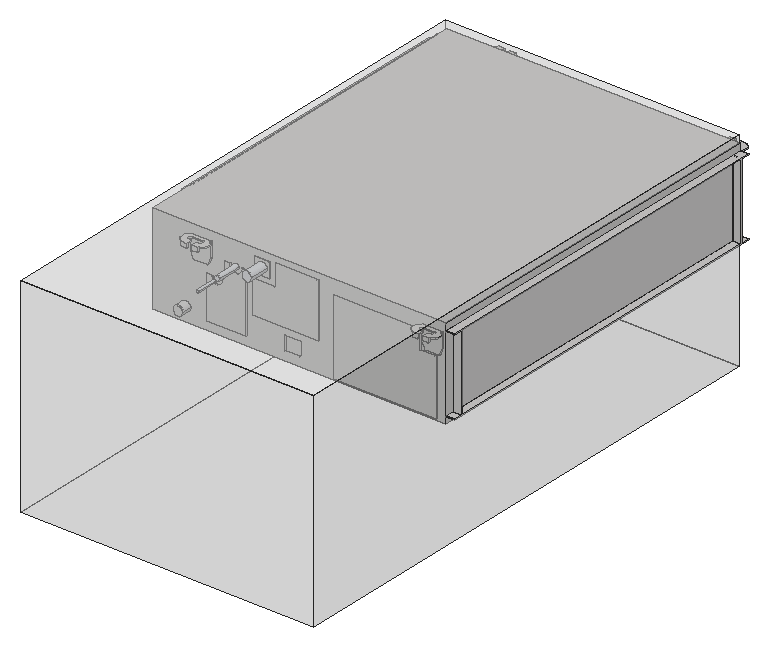
Revit family "outputfile", category 機械設備, Revit 2024
Family settings
  丸型コネクタ寸法 = 半径を使用
  パーツ タイプ = 標準
  OmniClass 番号 = 23.75.10.24.21.27.27
  OmniClass タイトル = Split System Air Conditioning Units
  作業面ベース = いいえ
  常に垂直 = はい
  ロード時にボイドで切り取り = いいえ
  注釈の向きを維持 = いいえ
  共有 = いいえ
  部屋計算ポイント = はい
Parameters (values of type "FXSQ50PAV4")
  Description = ""
  製造元 = "Daikin"
  書き出し IFC クラス(タイプ) = "IfcUnitaryEquipmentType"
  定義済み IFC タイプ(タイプ) = "AIRCONDITIONINGUNIT"
  Cost = 0
  モデル = "FXSQ50PAV4"
  Type Comments = ""
  Keynote = ""
  Type Image = (empty or 0)
  Assembly Code = ""
  r_Liquid Pipe Size = Liquid Pipe Size / 2  # 3.2 mm
  r_Gas Pipe Size = Gas Pipe Size / 2  # 6.35 mm
  r_Drain Pipe Size = Drain Pipe Size / 2  # 12.5 mm
  lw_power = 770.0 mm  # constant formula
  lh_SA = 138.0 mm  # constant formula
  lw_SA = if(Depth = 550.0 mm, 225.0 mm, if(Depth = 700.0 mm, 300.0 mm, if(Depth = 1000.0 mm, 450.0 mm, if(Depth = 1400.0 mm, 650.0 mm, 725.0 mm))))  # 450.0 mm
  lw_RA = if(Depth = 550.0 mm, 275.0 mm, if(Depth = 700.0 mm, 349.0 mm, if(Depth = 1000.0 mm, 499.0 mm, if(Depth = 1400.0 mm, 699.0 mm, 775.0 mm))))  # 499.0 mm
  lh_power = 60.0 mm + [h***]  # 60.0 mm
  lh_mountinghole1 = lh_mountinghole + [h***]  # 222.0 mm
  lh_RA = 123.0 mm  # constant formula
  ld_power = Depth / 2  # 500.0 mm
  Voltage_comment_60Hz = "220"
  Voltage_comment_50Hz = "220-240"
  Voltage_60Hz = 220 V
  Voltage_50Hz = 220 V
  URL = ""
  Supply Air Direction [instance] = yes
  Sound Power Level_H speed (dB) = 62
  Phase_60Hz = 1
  Phase_50Hz = 1
  Minimum External Static Pressure = 50.00 Pa
  Minimum Circuit Amps_60Hz = 1.3 A
  Minimum Circuit Amps_50Hz = 1.3 A
  Maximum Fuse Amps_60Hz = 16.0 A
  Maximum Fuse Amps_50Hz = 16.0 A
  Maximum External Static Pressure = 150.00 Pa
  Material_Casing = DAIKIN_GalvanizedSteel_Casing_indoorunit
  lw_mountinghole = 630.0 mm  # constant formula
  lh_gaspipe = 183.0 mm + [h***]  # 183.0 mm
  lh_mountinghole = 222.0 mm  # constant formula
  lh_liquidpipe = 136.0 mm + [h***]  # 136.0 mm
  lh_drainpipe = 207.0 mm + [h***]  # 207.0 mm
  lh_antena = Height - lh_mountinghole + 1.0 mm  # 24.0 mm
  ld_drainpipe = Depth / 2 + 53.0 mm  # 553.0 mm
  ld_liquidpipe = Depth / 2 + 69.0 mm  # 569.0 mm
  ld_gaspipe = Depth / 2 + 65.0 mm  # 565.0 mm
  ld_mountinghole = Depth + 38.0 mm  # 1038.0 mm
  h*** = 0.0 mm  # constant formula
  lw_liquidpipe = 179.0 mm  # constant formula
  lw_gaspipe = 229.0 mm  # constant formula
  lw_drainpipe = 300.0 mm  # constant formula
  Width = 800.0 mm
  Version = "ver.1.0"
  Unit Type = "Middle Static Pressure Duct Type"
  Unit Mass Weight = 35.00 kg
  Unit Designation [instance] = ""
  Uniclass2015Version = "Products v1.30"
  Uniclass2015Title = "Variable refrigerant flow units"
  Uniclass2015Code = "Pr_70_65_03_94"
  Total Heating Capacity [instance] = 0.000 kW
  Total Cooling Capacity [instance] = 0.000 kW
  Sound Pressure Level_M speed (dBA) = 0
  Sound Pressure Level_L speed (dBA) = 29
  Sound Pressure Level_H speed (dBA) = 34
  Series = "VRV Fan Coil Unit"
  Sensible Cooling Capacity [instance] = 0.000 kW
  SA Duct Size Width = if(Depth = 550.0 mm, 337.0 mm, if(Depth = 700.0 mm, 492.0 mm, if(Depth = 1000.0 mm, 792.0 mm, if(Depth = 1400.0 mm, 1192.0 mm, 1337.0 mm))))  # 792.0 mm
  SA Duct Size Height = 176.0 mm
  Refrigerant Type = "R410A"
  RA Duct Size Width = if(Depth = 550.0 mm, 502.0 mm, if(Depth = 700.0 mm, 654.0 mm, if(Depth = 1000.0 mm, 952.0 mm, if(Depth = 1400.0 mm, 1352.0 mm, 1502.0 mm))))  # 952.0 mm
  RA Duct Size Height = 208.0 mm
  Power Input (Heating) = 0.159 kW
  Power Input (Cooling) = 0.164 kW
  Option Accessory 3 [instance] = ""
  Option Accessory 2 [instance] = ""
  Option Accessory 1 [instance] = ""
  Nominal Heating Capacity = 6.300 kW
  Nominal Cooling Capacity = 5.600 kW
  Minimum Airflow = 690.00 m³/h
  Median Airflow = 870.00 m³/h
  Maximum Airflow = 1020.00 m³/h
  Load Classification = HVAC
  Liquid Pipe Size = 6.4 mm
  Link_Nested Family [instance] = ""
  IfcVersion = "0"
  IfcExportType = "AIRCONDITIONINGUNIT"
  IfcExportAs = "IfcUnitaryEquipmentType"
  Height = 245.0 mm
  Heating Entering Wet Bulb Temperature [instance] = 0.00 °C
  Heating Entering Dry Bulb Temperature [instance] = 0.00 °C
  Heating Ambient Wet Bulb Temperature [instance] = 0.00 °C
  Heating Ambient Dry Bulb Temperature [instance] = 0.00 °C
  Heat Exchanger Type = "Cross Fin Coil"
  Gas Pipe Size = 12.7 mm
  Frequency_60Hz = 60 Hz
  Frequency_50Hz = 50 Hz
  Fan Type = "Sirocco Fan"
  Fan Drive = "Direct Drive"
  FCU Tag No. [instance] = ""
  Drain Pipe Size = 25.0 mm
  Design Supply Airflow [instance] = 0.00 m³/h
  Design Return Airflow [instance] = 0.00 m³/h
  Design External Static Pressure [instance] = 0.00 Pa
  Depth = 1000.0 mm
  既定の高さ = 0.0 mm
  Cooling Entering Wet Bulb Temperature [instance] = 0.00 °C
  Cooling Entering Dry Bulb Temperature [instance] = 0.00 °C
  Cooling Ambient Wet Bulb Temperature [instance] = 0.00 °C
  Cooling Ambient Dry Bulb Temperature [instance] = 0.00 °C
  Clearance visibility [instance] = yes
  Clearance Top = 20.0 mm
  Clearance Right = 0.0 mm
  Clearance Rear = 0.0 mm
  Clearance Left = 0.0 mm
  Clearance Front = 450.0 mm
  Clearance Bottom = 300.0 mm
Reference planes
  plane 1 "Center (Front/Back)": y = 0
  plane 2 "h": z = 0
  plane 3 "Center (Left/Right)": x = 0
  plane 4 "Back": y = 500
  plane 5 "Front": y = -500
  plane 6 "Left": x = -400
  plane 7 "Reight": x = 400
  plane 8 "Top": z = 0
  plane 9 "Bottom": z = -245
  plane 10: y = -215
  plane 11: y = 500
  plane 12: y = -950
  plane 13: x = -400
  plane 14: x = 400
  plane 15: z = 20
  plane 16: z = -545
  plane 17: x = -400
  plane 18: x = -399
  plane 19: x = 399
  plane 20: y = 50
  plane 21: y = -1
  plane 22: z = -122
  plane 23: y = -501
  plane 24: z = -109
  plane 25: x = -221
  plane 26: y = -565
  plane 27: z = -62
  plane 28: x = -171
  plane 29: y = -553
  plane 30: z = -38
  plane 31: x = -100
  plane 32: x = -100
  plane 33: x = -221
  plane 34: x = -171
  plane 35: x = 370
  plane 36: x = -266
  plane 37: x = 364
  plane 38: y = -519
  plane 39: y = 519
  plane 40: z = -23
  plane 41: z = -107
  plane 42: y = -570
  plane 43: z = -207
  plane 44: x = -309
  plane 45: y = -526
  plane 46: x = -251
  plane 47: x = -203
  plane 48: x = -144
  plane 49: z = -59
  plane 50: z = -106
  plane 51: z = -221
  plane 52: z = -109
  plane 53: x = -221
  plane 54: z = -62
  plane 55: x = -171
  plane 56: z = -17
  plane 57: z = -59
  plane 58: x = -121
  plane 59: x = -79
  plane 60: x = -125
  plane 61: x = -64
  plane 62: x = 53
  plane 63: z = -164
  plane 64: z = -73
  plane 65: z = -16
  plane 66: x = 93.5
  plane 67: x = 374.5
  plane 68: x = 330
  plane 69: z = -88.5
  plane 70: z = -38
  plane 71: z = -242.5
  plane 72: x = -38.5
  plane 73: x = 6.5
  plane 74: z = -181
  plane 75: z = -221
  plane 76: y = -499
  plane 77: x = -424
  plane 78: x = 424
Forms (mm)
  Extrusion 1, solid, material "DAIKIN_GalvanizedSteel_Casing_indoorunit" <- "Material_Casing"
    sketch origin (0, 0, 0) x (1, 0, 0) y (0, 1, 0)
      loop
        line (-399, 500) -> (-399, -500) -> (399, -500) -> (399, 500) -> (-399, 500)
    from -245 to 0
  Extrusion 2, solid, material "DAIKIN_GalvanizedSteel_Casing_indoorunit" <- "Material_Casing"
    sketch origin (0, 0, 0) x (1, 0, 0) y (0, 0, 1)
      loop
        line (-251, -221) -> (-144, -221) -> (-144, -59) -> (-154.47, -59)
        arc (-154.47, -59) -> (-171, -78.8) -> (-187.53, -59) r 16.8
        line (-187.53, -59) -> (-203, -59) -> (-203, -106) -> (-206.916, -106)
        arc (-206.916, -106) -> (-221, -123.4) -> (-235.084, -106) r 14.4
        line (-235.084, -106) -> (-251, -106) -> (-251, -221)
    from 500 to 501
  Extrusion 3, solid, material "DAIKIN_GalvanizedSteel_Casing_indoorunit" <- "Material_Casing"
    sketch origin (0, 0, 0) x (1, 0, 0) y (0, 0, 1)
      loop
        line (-121, -17) -> (-121, -59) -> (-79, -59) -> (-79, -17) -> (-121, -17)
      loop
        line (-125, -73) -> (-125, -164) -> (53, -164) -> (53, -16) -> (-64, -16) -> (-64, -73) -> (-125, -73)
    from 500 to 501
  Extrusion 4, solid, material "DAIKIN_GalvanizedSteel_Casing_indoorunit" <- "Material_Casing"
    sketch origin (0, 0, 0) x (1, 0, 0) y (0, 0, 1)
      loop
        line (93.5, -38) -> (93.5, -242.5) -> (374.5, -242.5) -> (374.5, -88.5) -> (330, -88.5) -> (330, -38) -> (93.5, -38)
    from 500 to 501
  Extrusion 5, solid
    sketch origin (0, 0, 0) x (1, 0, 0) y (0, 0, 1)
      loop
        circle (-221, -109) r 3.2
    from 500 to 570
  Extrusion 6, solid
    sketch origin (0, 0, 0) x (1, 0, 0) y (0, 0, 1)
      loop
        circle (-171, -62) r 6.35
    from 500 to 565
  Extrusion 7, solid
    sketch origin (0, 0, 0) x (1, 0, 0) y (0, 0, 1)
      loop
        circle (-100, -38) r 12.5
    from 501 to 553
  Extrusion 8, solid, material "DAIKIN_GalvanizedSteel_Casing_indoorunit" <- "Material_Casing"
    sketch origin (0, 0, 0) x (1, 0, 0) y (0, 0, 1)
      loop
        circle (-309, -207) r 13
    from 500 to 526
  Extrusion 9, void
    sketch origin (0, 0, 0) x (1, 0, 0) y (0, 0, 1)
      loop
        line (-38.5, -181) -> (-38.5, -221) -> (6.5, -221) -> (6.5, -181) -> (-38.5, -181)
    from 499 to 500
Cuts and joins
  Extrusion 9 cuts Extrusion 1
Dimensions and locks
  "Height": plane 8 "Top" to plane 9 "Bottom"
  equal spacing: plane 4 "Back", plane 1 "Center (Front/Back)", plane 5 "Front"
  "Depth": plane 4 "Back" to plane 5 "Front"
  equal spacing: plane 6 "Left", plane 3 "Center (Left/Right)", plane 7 "Reight"
  "Width": plane 6 "Left" to plane 7 "Reight"
  "Clearance Left": plane 13 to plane 6 "Left"
  "Clearance Right": plane 7 "Reight" to plane 14
  "Clearance Rear": plane 11 to plane 4 "Back"
  "Clearance Front": plane 5 "Front" to plane 12
  "Clearance Top": plane 15 to plane 8 "Top"
  "Clearance Bottom": plane 9 "Bottom" to plane 16
  locked: plane 17 to plane 18 at 1
  locked: plane 19 to plane 14 at 1
  "lw_SA": plane 11 to plane 20
  "lw_RA": plane 21 to plane 5 "Front"
  "lh_RA": plane 22 to plane 9 "Bottom"
  locked: plane 5 "Front" to plane 23 at 1
  "lw_liquidpipe": plane 25 to plane 6 "Left"
  "lh_liquidpipe": plane 24 to plane 9 "Bottom"
  "lh_gaspipe": plane 27 to plane 9 "Bottom"
  "lw_gaspipe": plane 28 to plane 6 "Left"
  "ld_gaspipe": plane 26 to plane 1 "Center (Front/Back)"
  "ld_drainpipe": plane 29 to plane 1 "Center (Front/Back)"
  "lh_drainpipe": plane 30 to plane 9 "Bottom"
  "lw_drainpipe": plane 31 to plane 6 "Left"
  "lw_drainpipe": plane 6 "Left" to plane 32
  "lw_liquidpipe": plane 6 "Left" to plane 33
  "lw_gaspipe": plane 6 "Left" to plane 34
  "lw_power": plane 6 "Left" to plane 35
  locked: plane 17 to plane 36 at 134
  "lw_mountinghole": plane 36 to plane 37
  equal spacing: plane 38, plane 1 "Center (Front/Back)", plane 39
  "ld_mountinghole": plane 39 to plane 38
  "lh_mountinghole": plane 40 to plane 9 "Bottom"
  "lh_SA": plane 41 to plane 9 "Bottom"
  "ld_liquidpipe": plane 21 to plane 42
  locked: plane 44 to plane 6 "Left" at 91
  locked: plane 43 to plane 9 "Bottom" at 38
  locked: plane 5 "Front" to plane 45 at 26
  plane 48 to plane 47 to plane 46 to plane 6 "Left" = 59.0 mm, 48.0 mm, 149.0 mm
  plane 8 "Top" to plane 49 to plane 50 to plane 51 = 59.0 mm locked, 47.0 mm locked, 115.0 mm locked
  plane 55 to plane 53 to plane 6 "Left" = 50.0 mm locked, 179.0 mm locked
  plane 54 to plane 52 to plane 9 "Bottom" = 47.0 mm locked, 136.0 mm locked
  plane 59 to plane 58 to plane 6 "Left" = 42.0 mm locked, 279.0 mm locked
  plane 8 "Top" to plane 56 to plane 57 = 17.0 mm locked, 42.0 mm locked
  plane 62 to plane 61 to plane 60 to plane 6 "Left" = 117.0 mm, 61.0 mm, 275.0 mm
  plane 8 "Top" to plane 65 to plane 64 = 16.0 mm locked, 57.0 mm locked
  locked: plane 65 to plane 63 at 148
  plane 8 "Top" to plane 70 to plane 69 to plane 71 = 38.0 mm locked, 50.5 mm locked, 154.0 mm locked
  plane 67 to plane 68 to plane 66 to plane 6 "Left" = 44.5 mm locked, 236.5 mm locked, 493.5 mm locked
  plane 8 "Top" to plane 74 to plane 75 = 181.0 mm locked, 40.0 mm locked
  plane 73 to plane 72 to plane 6 "Left" = 45.0 mm, 361.5 mm
  locked: plane 76 to plane 5 "Front" at 1
  locked: plane 77 to plane 17 at 24
  locked: plane 14 to plane 78 at 24
  locked: Extrusion 4 sketch curve to plane 9 "Bottom" at 2.5
  "r_Liquid Pipe Size": radius of Extrusion 5 sketch curve
  "r_Gas Pipe Size": radius of Extrusion 6 sketch curve
  "r_Drain Pipe Size": radius of Extrusion 7 sketch curve
  aligned and locked: level to plane 2 "h"
  aligned and locked: plane 8 "Top" to Extrusion 1
  aligned and locked: Extrusion 1 to plane 9 "Bottom"
  aligned and locked: nested 5 to plane 12
  aligned and locked: plane 13 to nested 5
  aligned and locked: plane 14 to nested 5
  aligned and locked: nested 5 to plane 13
  aligned and locked: plane 11 to nested 5
  aligned and locked: plane 15 to nested 5
  aligned and locked: plane 16 to nested 5
  aligned and locked: plane 5 "Front" to Extrusion 1 sketch curve
  aligned and locked: Extrusion 1 to plane 18
  aligned and locked: plane 19 to Extrusion 1
  aligned and locked: nested 7 to plane 18
  aligned and locked: nested 7 to plane 20
  aligned and locked: plane 19 to nested 8
  aligned and locked: plane 21 to nested 8
  aligned and locked: plane 22 to nested 8
  aligned and locked: Extrusion 2 to plane 23
  aligned and locked: plane 5 "Front" to Extrusion 2
  aligned and locked: Extrusion 3 to plane 23
  aligned and locked: plane 5 "Front" to Extrusion 3
  aligned and locked: plane 5 "Front" to Extrusion 4
  aligned and locked: Extrusion 5 sketch curve to plane 25
  aligned and locked: plane 24 to Extrusion 5 sketch curve
  aligned and locked: plane 5 "Front" to Extrusion 5
  aligned and locked: Extrusion 6 sketch curve to plane 28
  aligned and locked: plane 27 to Extrusion 6 sketch curve
  aligned and locked: plane 5 "Front" to Extrusion 6
  aligned and locked: Extrusion 7 sketch curve to plane 31
  aligned and locked: Extrusion 7 sketch curve to plane 30
  aligned and locked: Extrusion 7 to plane 29
  aligned and locked: plane 23 to Extrusion 7
  aligned and locked: nested 3 to plane 29
  aligned and locked: plane 32 to nested 3
  aligned and locked: nested 2 to plane 33
  aligned and locked: nested 1 to plane 34
  aligned and locked: Extrusion 6 to plane 26
  aligned and locked: nested 1 to plane 26
  aligned and locked: nested 6 to plane 5 "Front"
  aligned and locked: nested 6 to plane 35
  aligned and locked: plane 36 to nested 10
  aligned and locked: nested 10 to plane 5 "Front"
  aligned and locked: plane 37 to nested 9
  aligned and locked: nested 9 to plane 5 "Front"
  aligned and locked: nested 11 to plane 36
  aligned and locked: plane 4 "Back" to nested 11
  aligned and locked: nested 12 to plane 37
  aligned and locked: plane 4 "Back" to nested 12
  aligned and locked: plane 40 to nested 10
  aligned and locked: plane 40 to nested 11
  aligned and locked: plane 40 to nested 9
  aligned and locked: plane 40 to nested 12
  aligned and locked: plane 36 to nested 14
  aligned and locked: nested 14 to plane 39
  aligned and locked: plane 37 to nested 13
  aligned and locked: nested 13 to plane 39
  aligned and locked: plane 37 to nested 16
  aligned and locked: plane 38 to nested 16
  aligned and locked: plane 38 to nested 15
  aligned and locked: plane 36 to nested 15
  aligned and locked: plane 17 to plane 6 "Left"
  aligned and locked: plane 41 to nested 7
  aligned and locked: Extrusion 5 to plane 42
  aligned and locked: nested 2 to plane 42
  aligned and locked: Extrusion 8 sketch curve to plane 44
  aligned and locked: plane 43 to Extrusion 8 sketch curve
  aligned and locked: plane 5 "Front" to Extrusion 8
  aligned and locked: plane 45 to Extrusion 8
  aligned and locked: Extrusion 3 sketch curve to plane 56
  aligned and locked: Extrusion 3 sketch curve to plane 58
  aligned and locked: plane 57 to Extrusion 3 sketch curve
  aligned and locked: plane 59 to Extrusion 3 sketch curve
  aligned and locked: Extrusion 4 to plane 23
  aligned and locked: Extrusion 9 sketch curve to plane 74
  aligned and locked: plane 75 to Extrusion 9 sketch curve
  aligned and locked: plane 73 to Extrusion 9 sketch curve
  aligned and locked: plane 5 "Front" to Extrusion 9
  aligned and locked: plane 76 to Extrusion 9
  aligned and locked: nested 17 to plane 20
  aligned and locked: nested 17 to plane 77
  aligned and locked: plane 21 to nested 18
  aligned and locked: plane 78 to nested 18
  aligned and locked: plane 41 to nested 17
  aligned and locked: nested 18 to plane 22
  aligned and locked: nested 4 to plane 3 "Center (Left/Right)"
  aligned and locked: plane 1 "Center (Front/Back)" to nested 4
  aligned and locked: level to plane 8 "Top"
Automatic sketch dimensions
  plane 6 "Left" to Extrusion 1 sketch curve = 1.0 mm
  Extrusion 1 sketch curve to plane 7 "Reight" = 1.0 mm
  Extrusion 1 sketch curve to plane 4 "Back" = 0.0 mm
  Extrusion 2 sketch curve to plane 46 = 0.0 mm
  Extrusion 2 sketch curve to plane 33 = 0.0 mm
  Extrusion 2 sketch curve to plane 47 = 0.0 mm
  Extrusion 2 sketch curve to plane 34 = 0.0 mm
  Extrusion 2 sketch curve to plane 48 = 0.0 mm
  Extrusion 2 sketch curve to plane 52 = 0.0 mm
  Extrusion 2 sketch curve to plane 50 = 0.0 mm  (x3)
  Extrusion 2 sketch curve to plane 54 = 0.0 mm
  Extrusion 2 sketch curve to plane 49 = 0.0 mm  (x3)
  plane 33 to Extrusion 2 sketch curve = 14.084 mm
  plane 34 to Extrusion 2 sketch curve = 16.53 mm
  Extrusion 3 sketch curve to plane 60 = 0.0 mm
  Extrusion 3 sketch curve to plane 61 = 0.0 mm
  Extrusion 3 sketch curve to plane 62 = 0.0 mm
  Extrusion 3 sketch curve to plane 64 = 0.0 mm
  Extrusion 3 sketch curve to plane 65 = 0.0 mm
  Extrusion 4 sketch curve to plane 66 = 0.0 mm
  Extrusion 4 sketch curve to plane 68 = 0.0 mm
  Extrusion 4 sketch curve to plane 67 = 0.0 mm
  Extrusion 4 sketch curve to plane 69 = 0.0 mm
  Extrusion 4 sketch curve to plane 70 = 0.0 mm
  Extrusion 9 sketch curve to plane 72 = 0.0 mm
  Extrusion 2 sketch curve to plane 51 = 0.0 mm
  Extrusion 3 sketch curve to plane 63 = 0.0 mm
  radius of Extrusion 8 sketch curve = 13.0 mm
Nested families
  nested 1: "daikin_connector_rotate2" at (-171, 0, -62), length <- "ld_gaspipe", built-in parameter 1001364 <- "lh_gaspipe", radius <- "r_Gas Pipe Size", type "daikin_connector_rotate2"
    with radius 6.35 mm, length 565.0 mm, angle_vertical 90.00°
  nested 2: "daikin_connector_rotate2" at (-221, -1, -109), length <- "ld_liquidpipe", built-in parameter 1001364 <- "lh_liquidpipe", radius <- "r_Liquid Pipe Size", type "daikin_connector_rotate2"
    with radius 3.2 mm, length 569.0 mm, angle_vertical 90.00°
  nested 3: "daikin_connector_rotate2" at (-100, 0, -38), length <- "ld_drainpipe", built-in parameter 1001364 <- "lh_drainpipe", radius <- "r_Drain Pipe Size", type "daikin_connector_rotate2"
    with radius 12.5 mm, length 553.0 mm, angle_vertical 90.00°
  nested 4: "daikin_△_symbolicline" at (0, 0, 245) x (0, -1, 0) z (0, 0, 1), built-in parameter 1001364 <- "Height", visible <- "Supply Air Direction", type "daikin_△_symbolicline"
    with length 200.0 mm
  nested 5: "daikin_clearancespace" at (0, -225, -262.381), visible <- "Clearance visibility", show <- "Clearance visibility", Link_Nested Family <- "Link_Nested Family", type "daikin_clearancespace"
    with width 800.0 mm, show yes, height 565.0 mm, depth 1450.0 mm, Link_Nested Family ""
  nested 6: "daikin_connector_rotate2" at (370, 0, -185), built-in parameter 1001364 <- "lh_power", length <- "ld_power", type "daikin_connector_rotate2"
    with radius 10.0 mm, length 500.0 mm, angle_vertical 90.00°
  nested 7: "daikin_ductflange_FXSQ-PAV4_2" at (-399, 50, -107) x (0, -1, 0) z (0, 0, 1), type "daikin_ductflange_FXSQ-PAV4_2"
    with width 792.0 mm, w 1000.0 mm
  nested 8: "daikin_ductflange_FXSQ-PAV4_1" at (399, -1, -122) x (0, 1, 0) z (0, 0, 1), type "daikin_ductflange_FXSQ-PAV4_1"
    with width 952.0 mm, w 1000.0 mm
  nested 9: "daikin_hangerfixture_FXSQ-PAV4" at (364, -500, -23), type "daikin_hangerfixture_FXSQ-PAV4"
  nested 10: "daikin_hangerfixture_FXSQ-PAV4" at (-266, -500, -23), type "daikin_hangerfixture_FXSQ-PAV4"
  nested 11: "daikin_hangerfixture_FXSQ-PAV4" at (-266, 500, -23) x (-1, 0, 0) z (0, 0, 1), type "daikin_hangerfixture_FXSQ-PAV4"
  nested 12: "daikin_hangerfixture_FXSQ-PAV4" at (364, 500, -23) x (-1, 0, 0) z (0, 0, 1), type "daikin_hangerfixture_FXSQ-PAV4"
  nested 13: "daikin_mountinghole" at (364, 519, -245), h_mountinghole <- "lh_mountinghole1", l_antenna <- "lh_antena", Link_Nested Family <- "Link_Nested Family", type "daikin_mountinghole"
    with show yes, l_antenna 24.0 mm, h_mountinghole 222.0 mm, Link_Nested Family ""
  nested 14: "daikin_mountinghole" at (-266, 519, -245), h_mountinghole <- "lh_mountinghole1", l_antenna <- "lh_antena", Link_Nested Family <- "Link_Nested Family", type "daikin_mountinghole"
    with show yes, l_antenna 24.0 mm, h_mountinghole 222.0 mm, Link_Nested Family ""
  nested 15: "daikin_mountinghole" at (-266, -519, -245), h_mountinghole <- "lh_mountinghole1", l_antenna <- "lh_antena", Link_Nested Family <- "Link_Nested Family", type "daikin_mountinghole"
    with show yes, l_antenna 24.0 mm, h_mountinghole 222.0 mm, Link_Nested Family ""
  nested 16: "daikin_mountinghole" at (364, -519, -245), h_mountinghole <- "lh_mountinghole1", l_antenna <- "lh_antena", Link_Nested Family <- "Link_Nested Family", type "daikin_mountinghole"
    with show yes, l_antenna 24.0 mm, h_mountinghole 222.0 mm, Link_Nested Family ""
  nested 17: "daikin_connector_rotate2" at (-400, 50, -107) x (0, -1, 0) z (0, 0, 1), type "daikin_connector_rotate2"
    with radius 10.0 mm, length 24.0 mm, angle_vertical 90.00°
  nested 18: "daikin_connector_rotate2" at (400, -1, -122) x (0, 1, 0) z (0, 0, 1), type "daikin_connector_rotate2"
    with radius 10.0 mm, length 24.0 mm, angle_vertical 90.00°
Connectors
  piping at (-100, -553, -38), diameter 25, driven by "r_Drain Pipe Size"
    settings: on nested 3, index 3, connector inside diameter 609.6 mm, connector length 0.0 mm, flow factor 0, pipe flow 0.00 m³/h, pressure drop 0.0 Pa, fitting loss kfactor 0, connector angle 0.00°, fixture units 0, engagement length 0.0 mm, angle of deflection 0.00°, flow configuration 1, flow direction 2, fitting loss method 4, system type 16, joint type 0, gender type 0, connector reference index -1, connector utility 0, adjustable connector no, is connector primary yes, connector description "Condensate Drain Piping"
  piping at (-171, -565, -62), diameter 12.7, driven by "r_Gas Pipe Size"
    settings: on nested 1, index 4, connector inside diameter 609.6 mm, connector length 0.0 mm, flow factor 0, pipe flow 0.00 m³/h, pressure drop 0.0 Pa, fitting loss kfactor 0, connector angle 0.00°, fixture units 0, engagement length 0.0 mm, angle of deflection 0.00°, flow configuration 1, flow direction 2, fitting loss method 0, system type 29, joint type 0, gender type 0, connector reference index -1, connector utility 0, adjustable connector no, is connector primary no, connector description "Refrigerant Gas Piping"
  piping at (-221, -570, -109), diameter 6.4, driven by "r_Liquid Pipe Size"
    settings: on nested 2, index 5, connector inside diameter 609.6 mm, connector length 0.0 mm, flow factor 0, pipe flow 0.00 m³/h, pressure drop 0.0 Pa, fitting loss kfactor 0, connector angle 0.00°, fixture units 0, engagement length 0.0 mm, angle of deflection 0.00°, flow configuration 1, flow direction 1, fitting loss method 0, system type 29, joint type 0, gender type 0, connector reference index -1, connector utility 0, adjustable connector no, is connector primary no, connector description "Refrigerant Liquid Piping"
  electrical at (370, -500, -185), driven by "Load Classification"
    settings: on nested 6, index 6, voltage 0 V, apparent load 0 VA, apparent load phase1 0 VA, apparent load phase2 0 VA, apparent load phase3 0 VA, power factor 1, load classification "HVAC", number of poles 1, system type 30, power factor state 1, is connector primary yes, connector utility no, sub classification motor no, connector description "Power Supply"
  hvac at (-424, 50, -107), driven by "SA Duct Size Height", driven by "SA Duct Size Width"
    settings: on nested 17, index 7, duct flow 0.00 m³/h, flow factor 0, pres drop 0.00 Pa, loss coef 0, conn angle 0.00°, conn width 792.0 mm, conn height 176.0 mm, conn diameter 609.6 mm, duct sys type 1, conn prof type 1, flow config 0, flow direction 2, loss method 4, conn ref index -1, conn util no, is conn primary yes, conn desc "SA Duct"
  hvac at (424, -1, -122), driven by "RA Duct Size Height", driven by "RA Duct Size Width"
    settings: on nested 18, index 8, duct flow 0.00 m³/h, flow factor 0, pres drop 0.00 Pa, loss coef 0, conn angle 0.00°, conn width 952.0 mm, conn height 208.0 mm, conn diameter 609.6 mm, duct sys type 2, conn prof type 1, flow config 0, flow direction 1, loss method 4, conn ref index -1, conn util no, is conn primary no, conn desc "RA Duct"
Definition of nested family "daikin_clearancespace"
  Parameters (values of type "daikin_clearancespace")
    width [instance] = 1823.963 mm
    show [instance] = yes
    material = none
    height [instance] = 1359.762 mm
    depth [instance] = 880.0 mm
    Default Elevation = 0.0 mm
    Link_Nested Family [instance] = ""
  Reference planes
    plane 1 "Center (Front/Back)": y = 0
    plane 2 "Center (Elevation)": z = -0.119
    plane 3 "Center (Left/Right)": x = 0
    plane 4: y = 440
    plane 5: y = -440
    plane 6 "Right": x = 911.982
    plane 7 "Left": x = -911.982
    plane 8 "Top": z = 679.762
    plane 9 "Bottom": z = -680
  Forms (mm)
    Extrusion 1, solid, material <- "material", visible <- "show"
      sketch origin (0, 0, 0) x (1, 0, 0) y (0, 1, 0)
        loop
          line (-911.982, 440) -> (-911.982, -440) -> (911.982, -440) -> (911.982, 440) -> (-911.982, 440)
      from -680 to 679.762
  Lines and regions (mm)
    symbolic lines, visible <- "show"
      curve 1: line (911.982, 440, 0) -> (-911.982, 440, 0)
      curve 2: line (-911.982, 440, 0) -> (-911.982, -440, 0)
      curve 3: line (-911.982, -440, 0) -> (911.982, -440, 0)
      curve 4: line (911.982, -440, 0) -> (911.982, 440, 0)
      curve 5: line (911.982, 0, 679.762) -> (-911.982, 0, 679.762)
      curve 6: line (911.982, 0, -680) -> (911.982, 0, 679.762)
      curve 7: line (-911.982, 0, -680) -> (911.982, 0, -680)
      curve 8: line (-911.982, 0, 679.762) -> (-911.982, 0, -680)
      curve 9: line (0, 440, 679.762) -> (0, -440, 679.762)
      curve 10: line (0, -440, 679.762) -> (0, -440, -680)
      curve 11: line (0, 440, -680) -> (0, 440, 679.762)
      curve 12: line (0, -440, -680) -> (0, 440, -680)
  Dimensions and locks
    "width": plane 7 "Left" to plane 6 "Right"
    "depth": plane 4 to plane 5
    "height": plane 8 "Top" to plane 9 "Bottom"
    equal spacing: plane 7 "Left", plane 3 "Center (Left/Right)", plane 6 "Right"
    equal spacing: plane 4, plane 1 "Center (Front/Back)", plane 5
    equal spacing: plane 8 "Top", plane 2 "Center (Elevation)", plane 9 "Bottom"
    aligned and locked: level to plane 2 "Center (Elevation)"
    aligned and locked: Extrusion 1 sketch curve to plane 4
    aligned and locked: plane 7 "Left" to Extrusion 1 sketch curve
    aligned and locked: Extrusion 1 sketch curve to plane 5
    aligned and locked: Extrusion 1 sketch curve to plane 6 "Right"
    aligned and locked: plane 8 "Top" to Extrusion 1
    aligned and locked: curve 1 to Extrusion 1
    aligned and locked: curve 2 to Extrusion 1
    aligned and locked: curve 3 to Extrusion 1
    aligned and locked: curve 4 to Extrusion 1
    aligned and locked: curve 5 to Extrusion 1
    aligned and locked: curve 6 to Extrusion 1
    aligned and locked: curve 7 to Extrusion 1
    aligned and locked: curve 8 to Extrusion 1
    aligned and locked: curve 9 to Extrusion 1
    aligned and locked: curve 10 to Extrusion 1
    aligned and locked: curve 11 to Extrusion 1
    aligned and locked: curve 12 to Extrusion 1
    aligned and locked: Extrusion 1 to plane 9 "Bottom"
Definition of nested family "daikin_ductflange_FXSQ-PAV4_2"
  Parameters (values of type "daikin_ductflange_FXMQ-PAVE2")
    width = if(w = 550.0 mm, 337.0 mm, if(w = 700.0 mm, 492.0 mm, if(w = 1000.0 mm, 792.0 mm, if(w = 1400.0 mm, 1192.0 mm, 1337.0 mm))))  # 337.0 mm
    material = none
    height = 215.0 mm
    depth = 1.0 mm
    w = 550.0 mm
    Default Elevation = 0.0 mm
  Reference planes
    plane 1 "Center (Front/Back)": y = 0
    plane 2: z = 0
    plane 3 "Center (Left/Right)": x = 0
    plane 4: z = 88
    plane 5: z = -88
    plane 6: y = -25
    plane 7: z = 106
    plane 8: z = 89
    plane 9: y = -1
    plane 10: x = -192.5
    plane 11: x = 192.5
    plane 12: z = -106
    plane 13: z = -89
    plane 14: y = -1
    plane 15: x = 168.5
    plane 16: x = -168.5
    plane 17: x = 169.5
    plane 18: z = 87
    plane 19: z = -87
    plane 20: x = -169.5
    plane 21: z = 87
    plane 22: z = -87
    plane 23: y = -1
  Forms (mm)
    Extrusion 1, solid, material <- "material"
      sketch origin (0, 0, 0) x (0, 1, 0) y (0, 0, 1)
        loop
          line (-25, 88) -> (0, 88) -> (0, 106) -> (-1, 106) -> (-1, 89) -> (-25, 89) -> (-25, 88)
      from -192.5 to 192.5
    Extrusion 2, solid, material <- "material"
      sketch origin (0, 0, 0) x (0, 1, 0) y (0, 0, 1)
        loop
          line (-25, -88) -> (-25, -89) -> (-1, -89) -> (-1, -106) -> (0, -106) -> (0, -88) -> (-25, -88)
      from -192.5 to 192.5
    Extrusion 3, solid, material <- "material"
      sketch origin (0, 0, 0) x (1, 0, 0) y (0, 0, 1)
        loop
          line (168.5, 88) -> (168.5, -88) -> (192.5, -88) -> (192.5, -87) -> (169.5, -87) -> (169.5, 87) -> (192.5, 87) -> (192.5, 88) -> (168.5, 88)
      from 0 to 25
    Extrusion 4, solid, material <- "material"
      sketch origin (0, 0, 0) x (1, 0, 0) y (0, 0, 1)
        loop
          line (-192.5, 88) -> (-192.5, 87) -> (-169.5, 87) -> (-169.5, -87) -> (-192.5, -87) -> (-192.5, -88) -> (-168.5, -88) -> (-168.5, 88) -> (-192.5, 88)
      from 0 to 25
    Extrusion 5, solid, material <- "material"
      sketch origin (0, 0, 0) x (1, 0, 0) y (0, 0, 1)
        loop
          line (-192.5, 88) -> (-192.5, -88) -> (-168.5, -88) -> (-168.5, 88) -> (-192.5, 88)
        loop
          line (192.5, 88) -> (168.5, 88) -> (168.5, -88) -> (192.5, -88) -> (192.5, 88)
      from 0 to 1
  Cuts and joins
    joined: Extrusion 1, Extrusion 2, Extrusion 3, Extrusion 4, Extrusion 5
  Dimensions and locks
    plane 4 to level to plane 5 = 88.0 mm, 88.0 mm
    locked: plane 6 to plane 1 "Center (Front/Back)" at 25
    locked: plane 9 to plane 1 "Center (Front/Back)" at 1
    locked: plane 8 to plane 4 at 1
    locked: plane 16 to plane 10 at 24
    locked: plane 17 to plane 15 at 1
    locked: plane 4 to plane 18 at 1
    locked: plane 19 to plane 5 at 1
    "width": plane 15 to plane 16
    plane 4 to plane 5 = 176.0 mm
    locked: plane 16 to plane 20 at 1
    locked: plane 4 to plane 21 at 1
    locked: plane 22 to plane 5 at 1
    locked: plane 23 to plane 1 "Center (Front/Back)" at 1
    plane 4 to level to plane 5 = 88.0 mm locked, 88.0 mm locked
    locked: plane 5 to plane 13 at 1
    locked: plane 5 to plane 12 at 18
    locked: plane 7 to plane 4 at 18
    equal spacing: plane 15, plane 3 "Center (Left/Right)", plane 16
    locked: plane 11 to plane 15 at 24
    plane 11 to plane 10 = 385.0 mm
    aligned and locked: level to plane 2
    aligned and locked: Extrusion 1 to plane 10
    aligned and locked: plane 11 to Extrusion 1
    aligned and locked: plane 5 to Extrusion 2
    aligned and locked: Extrusion 2 to plane 1 "Center (Front/Back)"
    aligned and locked: plane 15 to Extrusion 3 sketch curve
    aligned and locked: Extrusion 3 sketch curve to Extrusion 2  (x2)
    aligned and locked: Extrusion 3 sketch curve to plane 11
    aligned and locked: plane 6 to Extrusion 3
    aligned and locked: Extrusion 2 to plane 10
    aligned and locked: plane 11 to Extrusion 2
    aligned and locked: Extrusion 4 sketch curve to Extrusion 1  (x2)
    aligned and locked: plane 5 to Extrusion 4 sketch curve
    aligned and locked: Extrusion 4 sketch curve to plane 16
    aligned and locked: Extrusion 4 sketch curve to plane 22
    aligned and locked: plane 20 to Extrusion 4 sketch curve
    aligned and locked: plane 21 to Extrusion 4 sketch curve
    aligned and locked: Extrusion 4 to plane 1 "Center (Front/Back)"
    aligned and locked: plane 6 to Extrusion 4
    aligned and locked: Extrusion 5 sketch curve to Extrusion 1  (x4)
    aligned and locked: Extrusion 5 sketch curve to Extrusion 4  (x2)
    aligned and locked: Extrusion 5 sketch curve to Extrusion 3  (x2)
    aligned and locked: Extrusion 5 to plane 1 "Center (Front/Back)"
    aligned and locked: plane 23 to Extrusion 5
  Automatic sketch dimensions
    Extrusion 1 sketch curve to plane 6 = 0.0 mm
    Extrusion 1 sketch curve to plane 7 = 0.0 mm
    Extrusion 1 sketch curve to plane 9 = 0.0 mm
    Extrusion 1 sketch curve to plane 1 "Center (Front/Back)" = 0.0 mm
    Extrusion 1 sketch curve to plane 4 = 0.0 mm
    Extrusion 1 sketch curve to plane 8 = 0.0 mm
    Extrusion 2 sketch curve to plane 6 = 0.0 mm
    plane 12 to Extrusion 2 sketch curve = 0.0 mm
    Extrusion 2 sketch curve to plane 14 = 0.0 mm
    Extrusion 2 sketch curve to plane 1 "Center (Front/Back)" = 0.0 mm
    plane 13 to Extrusion 2 sketch curve = 0.0 mm
    Extrusion 2 sketch curve to plane 5 = 0.0 mm
    Extrusion 3 sketch curve to plane 17 = 0.0 mm
    Extrusion 3 sketch curve to plane 19 = 0.0 mm
    Extrusion 3 sketch curve to plane 18 = 0.0 mm
    Extrusion 3 sketch curve to plane 4 = 0.0 mm
    Extrusion 4 sketch curve to plane 10 = 0.0 mm
Definition of nested family "daikin_ductflange_FXSQ-PAV4_1"
  Parameters (values of type "daikin_ductflange_FXMQ-PAVE")
    width = if(w = 550.0 mm, 502.0 mm, if(w = 700.0 mm, 654.0 mm, if(w = 1000.0 mm, 952.0 mm, if(w = 1400.0 mm, 1352.0 mm, 1502.0 mm))))  # 502.0 mm
    material = none
    height = 208.0 mm
    depth = 1.0 mm
    w = 550.0 mm
    Default Elevation = 0.0 mm
  Reference planes
    plane 1 "Center (Front/Back)": y = 0
    plane 2: z = 0
    plane 3 "Center (Left/Right)": x = 0
    plane 4: z = 104
    plane 5: z = -104
    plane 6: y = -25
    plane 7: z = 121
    plane 8: z = 105
    plane 9: y = -1
    plane 10: x = -275
    plane 11: x = 275
    plane 12: z = -122
    plane 13: z = -105
    plane 14: y = -1
    plane 15: x = 251
    plane 16: x = -251
    plane 17: x = 252
    plane 18: z = 103
    plane 19: z = -103
    plane 20: x = -252
    plane 21: z = 103
    plane 22: z = -103
    plane 23: y = -1
  Forms (mm)
    Extrusion 1, solid, material <- "material"
      sketch origin (0, 0, 0) x (0, 1, 0) y (0, 0, 1)
        loop
          line (-25, 104) -> (0, 104) -> (0, 121) -> (-1, 121) -> (-1, 105) -> (-25, 105) -> (-25, 104)
      from -275 to 275
    Extrusion 2, solid, material <- "material"
      sketch origin (0, 0, 0) x (0, 1, 0) y (0, 0, 1)
        loop
          line (-25, -104) -> (-25, -105) -> (-1, -105) -> (-1, -122) -> (0, -122) -> (0, -104) -> (-25, -104)
      from -275 to 275
    Extrusion 3, solid, material <- "material"
      sketch origin (0, 0, 0) x (1, 0, 0) y (0, 0, 1)
        loop
          line (251, 104) -> (251, -104) -> (275, -104) -> (275, -103) -> (252, -103) -> (252, 103) -> (275, 103) -> (275, 104) -> (251, 104)
      from 0 to 25
    Extrusion 4, solid, material <- "material"
      sketch origin (0, 0, 0) x (1, 0, 0) y (0, 0, 1)
        loop
          line (-275, 104) -> (-275, 103) -> (-252, 103) -> (-252, -103) -> (-275, -103) -> (-275, -104) -> (-251, -104) -> (-251, 104) -> (-275, 104)
      from 0 to 25
    Extrusion 5, solid, material <- "material"
      sketch origin (0, 0, 0) x (1, 0, 0) y (0, 0, 1)
        loop
          line (-275, 104) -> (-275, -104) -> (-251, -104) -> (-251, 104) -> (-275, 104)
        loop
          line (275, 104) -> (251, 104) -> (251, -104) -> (275, -104) -> (275, 104)
      from 0 to 1
  Cuts and joins
    joined: Extrusion 1, Extrusion 2, Extrusion 3, Extrusion 4, Extrusion 5
  Dimensions and locks
    plane 4 to level to plane 5 = 104.0 mm, 104.0 mm
    locked: plane 6 to plane 1 "Center (Front/Back)" at 25
    locked: plane 9 to plane 1 "Center (Front/Back)" at 1
    locked: plane 8 to plane 4 at 1
    locked: plane 11 to plane 15 at 24
    locked: plane 16 to plane 10 at 24
    locked: plane 17 to plane 15 at 1
    locked: plane 4 to plane 18 at 1
    locked: plane 19 to plane 5 at 1
    "width": plane 15 to plane 16
    equal spacing: plane 15, plane 3 "Center (Left/Right)", plane 16
    locked: plane 16 to plane 20 at 1
    locked: plane 4 to plane 21 at 1
    locked: plane 22 to plane 5 at 1
    locked: plane 23 to plane 1 "Center (Front/Back)" at 1
    locked: plane 7 to plane 4 at 17
    locked: plane 1 "Center (Front/Back)" to plane 14 at 1
    locked: plane 5 to plane 13 at 1
    "height": plane 4 to plane 5
    plane 11 to plane 10 = 550.0 mm
    locked: plane 12 to plane 13 at 17
    equal spacing: plane 4, level, plane 5
    aligned and locked: level to plane 2
    aligned and locked: Extrusion 1 to plane 10
    aligned and locked: plane 11 to Extrusion 1
    aligned and locked: plane 5 to Extrusion 2
    aligned and locked: Extrusion 2 to plane 1 "Center (Front/Back)"
    aligned and locked: plane 15 to Extrusion 3 sketch curve
    aligned and locked: Extrusion 3 sketch curve to Extrusion 2  (x2)
    aligned and locked: Extrusion 3 sketch curve to plane 11
    aligned and locked: plane 6 to Extrusion 3
    aligned and locked: Extrusion 2 to plane 10
    aligned and locked: plane 11 to Extrusion 2
    aligned and locked: Extrusion 4 sketch curve to Extrusion 1  (x2)
    aligned and locked: plane 5 to Extrusion 4 sketch curve
    aligned and locked: Extrusion 4 sketch curve to plane 16
    aligned and locked: Extrusion 4 sketch curve to plane 22
    aligned and locked: plane 20 to Extrusion 4 sketch curve
    aligned and locked: plane 21 to Extrusion 4 sketch curve
    aligned and locked: Extrusion 4 to plane 1 "Center (Front/Back)"
    aligned and locked: plane 6 to Extrusion 4
    aligned and locked: Extrusion 5 sketch curve to Extrusion 1  (x4)
    aligned and locked: Extrusion 5 sketch curve to Extrusion 4  (x2)
    aligned and locked: Extrusion 5 sketch curve to Extrusion 3  (x2)
    aligned and locked: Extrusion 5 to plane 1 "Center (Front/Back)"
    aligned and locked: plane 23 to Extrusion 5
  Automatic sketch dimensions
    Extrusion 1 sketch curve to plane 6 = 0.0 mm
    Extrusion 1 sketch curve to plane 7 = 0.0 mm
    Extrusion 1 sketch curve to plane 9 = 0.0 mm
    Extrusion 1 sketch curve to plane 1 "Center (Front/Back)" = 0.0 mm
    Extrusion 1 sketch curve to plane 4 = 0.0 mm
    Extrusion 1 sketch curve to plane 8 = 0.0 mm
    Extrusion 2 sketch curve to plane 6 = 0.0 mm
    plane 12 to Extrusion 2 sketch curve = 0.0 mm
    Extrusion 2 sketch curve to plane 14 = 0.0 mm
    Extrusion 2 sketch curve to plane 1 "Center (Front/Back)" = 0.0 mm
    plane 13 to Extrusion 2 sketch curve = 0.0 mm
    Extrusion 2 sketch curve to plane 5 = 0.0 mm
    Extrusion 3 sketch curve to plane 17 = 0.0 mm
    Extrusion 3 sketch curve to plane 19 = 0.0 mm
    Extrusion 3 sketch curve to plane 18 = 0.0 mm
    Extrusion 3 sketch curve to plane 4 = 0.0 mm
    Extrusion 4 sketch curve to plane 10 = 0.0 mm
Definition of nested family "daikin_hangerfixture_FXSQ-PAV4"
  Parameters (values of type "daikin_hangerfixture_FXMQ-PAVE")
    width = 72.0 mm
    material = none
    height = 60.0 mm
    depth = 41.0 mm
    Default Elevation = 0.0 mm
  Reference planes
    plane 1 "Center (Front/Back)": y = 0
    plane 2: z = 0
    plane 3 "Center (Left/Right)": x = 0
    plane 4: y = 417.146
    plane 5: y = -41
    plane 6: x = -36
    plane 7: x = 36
    plane 8: z = -2.3
    plane 9: z = -60
    plane 10: y = -2.3
    plane 11: z = -12
    plane 12: y = -38.7
  Forms (mm)
    Extrusion 1, solid, material <- "material"
      sketch origin (0, 0, 0) x (1, 0, 0) y (0, 1, 0)
        loop
          line (-28, 0) -> (-28, -5)
          arc (-28, -5) -> (-29.127, -8.162) -> (-32, -9.899) r 5
          arc (-32, -9.899) -> (-34.873, -11.636) -> (-36, -14.798) r 5
          line (-36, -14.798) -> (-36, -27.178)
          arc (-36, -27.178) -> (-35.429, -29.499) -> (-33.846, -31.289) r 5
          line (-33.846, -31.289) -> (-23, -38.798) -> (-23, -41.098) -> (-6.5, -41.098) -> (-6.5, -28.498)
          arc (-6.5, -28.498) -> (-7.379, -26.377) -> (-9.5, -25.498) r 3
          line (-9.5, -25.498) -> (-13.5, -25.498)
          arc (-13.5, -25.498) -> (-20, -18.998) -> (-13.5, -12.498) r 6.5
          line (-13.5, -12.498) -> (13.5, -12.498)
          arc (13.5, -12.498) -> (20, -18.998) -> (13.5, -25.498) r 6.5
          line (13.5, -25.498) -> (9.5, -25.498)
          arc (9.5, -25.498) -> (7.379, -26.377) -> (6.5, -28.498) r 3
          line (6.5, -28.498) -> (6.5, -41.098) -> (23, -41.098) -> (23, -38.798) -> (33.846, -31.289)
          arc (33.846, -31.289) -> (35.429, -29.499) -> (36, -27.178) r 5
          line (36, -27.178) -> (36, -14.596)
          arc (36, -14.596) -> (34.873, -11.434) -> (32, -9.697) r 5
          arc (32, -9.697) -> (29.127, -7.96) -> (28, -4.798) r 5
          line (28, -4.798) -> (28, 0) -> (-28, 0)
      from 0 to -2.3
    Extrusion 2, solid, material <- "material"
      sketch origin (0, 0, 0) x (1, 0, 0) y (0, 0, 1)
        loop
          line (28, -39.037) -> (28, 0) -> (-28, 0) -> (-28, -39.037)
          arc (-28, -39.037) -> (-27.91, -39.983) -> (-27.642, -40.894) r 5
          line (-27.642, -40.894) -> (-21.257, -56.857)
          arc (-21.257, -56.857) -> (-19.418, -59.14) -> (-16.615, -60) r 5
          line (-16.615, -60) -> (16.615, -60)
          arc (16.615, -60) -> (19.418, -59.14) -> (21.257, -56.857) r 5
          line (21.257, -56.857) -> (27.642, -40.894)
          arc (27.642, -40.894) -> (27.91, -39.983) -> (28, -39.037) r 5
      from 0 to 2.3
    Extrusion 3, solid, material <- "material"
      sketch origin (0, 0, 0) x (1, 0, 0) y (0, 0, 1)
        loop
          line (-23, 0) -> (-23, -9)
          arc (-23, -9) -> (-22.121, -11.121) -> (-20, -12) r 3
          line (-20, -12) -> (-9.5, -12)
          arc (-9.5, -12) -> (-7.379, -11.121) -> (-6.5, -9) r 3
          line (-6.5, -9) -> (-6.5, 0) -> (-23, 0)
        loop
          line (23, 0) -> (6.5, 0) -> (6.5, -9)
          arc (6.5, -9) -> (7.379, -11.121) -> (9.5, -12) r 3
          line (9.5, -12) -> (20, -12)
          arc (20, -12) -> (22.121, -11.121) -> (23, -9) r 3
          line (23, -9) -> (23, 0)
      from 38.8 to 41.098
  Cuts and joins
    joined: Extrusion 1, Extrusion 2, Extrusion 3
  Dimensions and locks
    plane 2 to plane 8 = 2.3 mm
    "height": plane 2 to plane 9
    locked: plane 10 to plane 1 "Center (Front/Back)" at 2.3
    locked: plane 2 to plane 11 at 12
    locked: plane 12 to plane 5 at 2.3
    aligned and locked: level to plane 2
    aligned and locked: Extrusion 1 to plane 8
    aligned and locked: plane 2 to Extrusion 1
    aligned and locked: plane 2 to Extrusion 2 sketch curve
    aligned and locked: Extrusion 2 to plane 10
    aligned and locked: Extrusion 2 to plane 1 "Center (Front/Back)"
    aligned and locked: Extrusion 3 sketch curve to cut or joined group of Extrusion 1, Extrusion 2, Extrusion 3  (x3)
    aligned and locked: cut or joined group of Extrusion 1, Extrusion 2, Extrusion 3 to Extrusion 3
  Automatic sketch dimensions
    Extrusion 2 sketch curve to plane 7 = 8.0 mm
    Extrusion 2 sketch curve to plane 8 = 36.737 mm
    plane 6 to Extrusion 2 sketch curve = 19.385 mm
    Extrusion 1 sketch curve to plane 6 = 0.0 mm
    plane 1 "Center (Front/Back)" to Extrusion 1 sketch curve = 0.0 mm
    Extrusion 1 sketch curve to plane 7 = 0.0 mm
    plane 6 to Extrusion 1 sketch curve = 2.154 mm
    plane 6 to Extrusion 1 sketch curve = 3.0 mm
    Extrusion 1 sketch curve to Extrusion 1 sketch curve = 5.0 mm  (x3)
    Extrusion 1 sketch curve to plane 12 = 0.098 mm  (x2)
    Extrusion 1 sketch curve to Extrusion 1 sketch curve = 4.0 mm  (x2)
    Extrusion 1 sketch curve to plane 5 = 0.098 mm  (x2)
    Extrusion 1 sketch curve to plane 3 "Center (Left/Right)" = 6.5 mm
    plane 3 "Center (Left/Right)" to Extrusion 1 sketch curve = 6.5 mm
    Extrusion 1 sketch curve to Extrusion 1 sketch curve = 3.0 mm
    Extrusion 1 sketch curve to plane 7 = 8.0 mm
    Extrusion 1 sketch curve to plane 7 = 5.0 mm
    Extrusion 1 sketch curve to plane 7 = 3.0 mm
    Extrusion 1 sketch curve to plane 7 = 2.154 mm
    plane 12 to Extrusion 1 sketch curve = 7.411 mm  (x2)
    plane 12 to Extrusion 1 sketch curve = 10.202 mm  (x2)
    Extrusion 1 sketch curve to Extrusion 1 sketch curve = 6.5 mm  (x2)
    Extrusion 1 sketch curve to Extrusion 1 sketch curve = 12.38 mm
    Extrusion 1 sketch curve to plane 10 = 12.296 mm
    Extrusion 1 sketch curve to plane 10 = 2.7 mm
    Extrusion 1 sketch curve to plane 10 = 2.498 mm
    plane 6 to Extrusion 1 sketch curve = 4.0 mm
    Extrusion 1 sketch curve to Extrusion 1 sketch curve = 0.0 mm  (x2)
    Extrusion 1 sketch curve to plane 7 = 4.0 mm
    Extrusion 1 sketch curve to Extrusion 1 sketch curve = 4.111 mm
    Extrusion 3 sketch curve to level = 0.0 mm  (x2)
    Extrusion 3 sketch curve to plane 11 = 0.0 mm  (x2)
    plane 11 to Extrusion 3 sketch curve = 3.0 mm  (x2)
    plane 3 "Center (Left/Right)" to Extrusion 3 sketch curve = 6.5 mm
    Extrusion 3 sketch curve to Extrusion 3 sketch curve = 3.0 mm  (x2)
    Extrusion 2 sketch curve to plane 9 = 0.0 mm
    Extrusion 2 sketch curve to Extrusion 2 sketch curve = 11.385 mm
    plane 6 to Extrusion 2 sketch curve = 8.0 mm
    plane 9 to Extrusion 2 sketch curve = 20.963 mm
    Extrusion 2 sketch curve to Extrusion 2 sketch curve = 5.0 mm  (x2)
    plane 9 to Extrusion 2 sketch curve = 3.143 mm  (x3)
    Extrusion 2 sketch curve to Extrusion 2 sketch curve = 4.642 mm  (x2)
    Extrusion 2 sketch curve to Extrusion 2 sketch curve = 0.0 mm  (x2)
    Extrusion 2 sketch curve to Extrusion 2 sketch curve = 0.358 mm
    Extrusion 2 sketch curve to Extrusion 2 sketch curve = 1.857 mm  (x2)
Definition of nested family "daikin_connector_rotate2"
  Parameters (values of type "daikin_connector_rotate2")
    Default Elevation = 1219.2 mm
    show_face = no
    radius [instance] = 10.0 mm
    length [instance] = 600.0 mm
    d_surface = 10.0 mm
    angle_vertical [instance] = 90.00°
  Reference planes
    plane 1 "Center (Front/Back)": y = 0
    plane 2: z = 0
    plane 3 "Center (Left/Right)": x = 0
  Forms (mm)
    Extrusion 1, solid, visible <- "show_face"
      sketch origin (0, -600, 0) x (1, 0, 0) y (0, 0, 1)
        loop
          circle (0, 0) r 10
      from 0 to -10
  Lines and regions (mm)
    reference lines
      curve 1: line (0, 0, 0) -> (0, -600, 0)
    symbolic lines
      curve 2: circle (0, 0, 0) r 5 normal (0, 0, 1)
    model lines, visible <- "show_face"
      curve 3: line (0, 0, 0) -> (0, -600, 0)
  Dimensions and locks
    "length": curve 1 to curve 1
    "length": curve 3 to curve 3
    "d_surface": Extrusion 1 to Extrusion 1
    "radius": radius of Extrusion 1 sketch curve
    "angle_vertical": angle curve 1 to plane 1 "Center (Front/Back)"
    "angle_vertical": angle curve 3 to plane 1 "Center (Front/Back)"
    aligned and locked: level to plane 2
    aligned and locked: plane 1 "Center (Front/Back)" to curve 1
    aligned and locked: plane 2 to curve 1
    aligned and locked: plane 1 "Center (Front/Back)" to curve 2
    aligned and locked: plane 3 "Center (Left/Right)" to curve 2
    aligned and locked: plane 1 "Center (Front/Back)" to curve 3
    aligned and locked: plane 2 to curve 3
    aligned and locked: Extrusion 1 to Extrusion 1
  Automatic sketch dimensions
    Extrusion 1 sketch curve to level = 0.0 mm
    Extrusion 1 sketch curve to plane 3 "Center (Left/Right)" = 0.0 mm
    radius of curve 2 = 5.0 mm
Definition of nested family "daikin_△_symbolicline"
  Parameters (values of type "daikin_△_symbolicline")
    length [instance] = 200.0 mm
    Default Elevation = 0.0 mm
  Reference planes
    plane 1 "Center (Front/Back)": y = 0
    plane 2: z = 0
    plane 3 "Center (Left/Right)": x = 0
  Lines and regions (mm)
    symbolic lines
      curve 1: line (0, -173.205, 0) -> (100, 0, 0)
      curve 2: line (100, 0, 0) -> (-100, 0, 0)
      curve 3: line (-100, 0, 0) -> (0, -173.205, 0)
  Dimensions and locks
    equal spacing: curve 3, plane 3 "Center (Left/Right)", curve 2
    "length": curve 3 to curve 2
    "length": curve 3 to curve 3
    "length": curve 1 to curve 1
    aligned and locked: level to plane 2
    aligned and locked: curve 2 to plane 1 "Center (Front/Back)"
    aligned and locked: plane 3 "Center (Left/Right)" to curve 3
Definition of nested family "daikin_mountinghole"
  Parameters (values of type "daikin_mountinghole")
    Default Elevation = 1219.2 mm
    Type Comments = "mountinghole"
    show [instance] = yes
    material = none
    l_centerline = 100.0 mm
    l_antenna [instance] = 100.0 mm
    h_mountinghole [instance] = 0.0 mm
    d_circle = 30.0 mm
    Link_Nested Family [instance] = ""
  Reference planes
    plane 1 "Center (Front/Back)": y = 0
    plane 2: z = 0
    plane 3 "Center (Left/Right)": x = 0
    plane 4: y = 50
    plane 5: x = -50
    plane 6: x = 50
    plane 7: y = -50
    plane 8 "h_mountinghole": z = 0
    plane 9: z = 100
  Lines and regions (mm)
    model lines, detail levels fine
      curve 1: circle (0, 0, 0) r 15 normal (0, 0, 1)
      curve 2: line (-50, 0, 0) -> (50, 0, 0)
      curve 3: line (0, 50, 0) -> (0, -50, 0)
    symbolic lines, detail levels fine
      curve 4: circle (0, 0, 0) r 15 normal (0, 0, 1)
      curve 5: line (-50, 0, 0) -> (50, 0, 0)
      curve 6: line (0, 50, 0) -> (0, -50, 0)
    model lines
      curve 7: line (0, 0, 100) -> (0, 0, 0)
  Dimensions and locks
    equal spacing: plane 4, plane 1 "Center (Front/Back)", plane 7
    "l_centerline": plane 4 to plane 7
    equal spacing: plane 5, plane 3 "Center (Left/Right)", plane 6
    "l_centerline": plane 5 to plane 6
    "l_antenna": plane 9 to plane 8 "h_mountinghole"
    "h_mountinghole": plane 8 "h_mountinghole" to plane 2
    "d_circle": diameter of curve 1
    "d_circle": diameter of curve 4
    aligned and locked: level to plane 2
    aligned and locked: plane 1 "Center (Front/Back)" to curve 1
    aligned and locked: plane 3 "Center (Left/Right)" to curve 1
    aligned and locked: plane 1 "Center (Front/Back)" to curve 2
    aligned and locked: curve 3 to plane 3 "Center (Left/Right)"
    aligned and locked: plane 6 to curve 2
    aligned and locked: plane 5 to curve 2
    aligned and locked: plane 4 to curve 3
    aligned and locked: plane 7 to curve 3
    aligned and locked: plane 1 "Center (Front/Back)" to curve 4
    aligned and locked: plane 3 "Center (Left/Right)" to curve 4
    aligned and locked: plane 6 to curve 5
    aligned and locked: plane 5 to curve 5
    aligned and locked: plane 1 "Center (Front/Back)" to curve 5
    aligned and locked: plane 4 to curve 6
    aligned and locked: plane 7 to curve 6
    aligned and locked: curve 6 to plane 3 "Center (Left/Right)"
    aligned and locked: curve 7 to plane 3 "Center (Left/Right)"
    aligned and locked: plane 9 to curve 7
    aligned and locked: plane 8 "h_mountinghole" to curve 7
